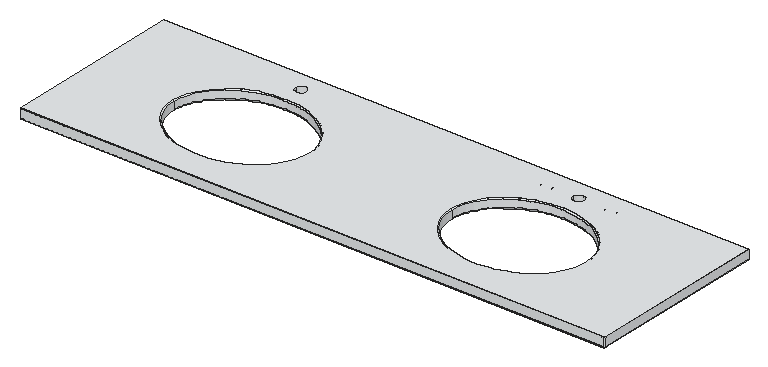
Revit family "Furniture-Counter_Top-KOHLER-Quartz-K-36574-1", category Specialty Equipment, host Face, Revit 2021
Family settings
  Host = Face
  Round Connector Dimension = Use Diameter
  Part Type = Normal
  OmniClass Number = 23.21.19.15
  OmniClass Title = Specialty Casework
  Cut with Voids When Loaded = No
  Shared = No
  Room Calculation Point = No
Parameters (values of type "EST-Eternal Statuario")
  Width = 22.43701"  # constant formula
  WaterSense Certified = 1 = 0  # no
  URL = "https://www.us.kohler.com/us/"
  Type = 1
  Product Page URL = "http://www.us.kohler.com/us/catalog/productDetails.jsp?productNumber=36574"
  Product Name = "Quartz"  # constant formula
  Product Documentation Link = "https://www.us.kohler.com/webassets/kpna/catalog/pdf/en/K-36574_spec_US-CA_Kohler_en.pdf"
  Model = if(Type = 1, "K-36574-EST", if(Type = 2, "K-36574-MMW", "NA"))  # "K-36574-EST"
  Material = "Quartz"  # constant formula
  Master Format 2014 Name = "Toilet, Bath, and Laundry Accessories"  # constant formula
  Master Format 2014 = "10 28 00"  # constant formula
  Manufacturer Address = "444 Highland Dr, Kohler, WI 53044"  # constant formula
  Manufacturer = "Kohler Co."  # constant formula
  Length = 73.12598"  # constant formula
  Height = 1.1811"  # constant formula
  Finish = KOHLER-Quartz-EST-Eternal_Statuario
  Environmental Product Declaration = ""
  Description = "73 Top With 2 Oval Undermount Cutout NS"  # constant formula
  Default Elevation = 42"
  Declare Label = ""
  Date Modified = "07/18/2024"  # constant formula
  Date Created = "07/18/2024"  # constant formula
  Copyright = "Copyright Kohler Co."  # constant formula
  Contact Us = "https://www.us.kohler.com/us/static/contact.jsp"
  Assembly Code = "C1030200"
  ADA Compliant = 1 = 0  # no
Types (3): name | Type | Model | Finish
  (no name) | 1 | "K-36574-EST" | KOHLER-Quartz-EST-Eternal_Statuario
  EST-Eternal Statuario | 1 | "K-36574-EST" | KOHLER-Quartz-EST-Eternal_Statuario
  MMW-Miami White | 2 | "K-36574-MMW" | KOHLER-Quartz-MMW-Miami_White
Reference planes (in)
  plane 1 "Center (Front/Back)": y = 0
  plane 2: z = 0
  plane 3 "Center (Left/Right)": x = 0
  plane 4: y = 11.2185
  plane 5: y = -11.2185
  plane 6: x = -36.56299
  plane 7: x = 36.56299
  plane 8: x = 8.85501
  plane 9: x = 25.82988
  plane 10: x = -8.85501
  plane 11: x = -25.82988
  plane 12: y = 6.33465
  plane 13: x = 17.34252
  plane 14: x = -17.34252
  plane 15: y = 8.7185
  plane 16: z = 1.1811
  plane 17: x = -25.71811
  plane 18: x = -8.96693
  plane 19: x = 8.96693
  plane 20: x = 25.71811
  plane 21: y = -0.65551
  plane 22: y = -7.53151
  plane 23: y = -7.64647
  plane 24: y = 6.21852
  plane 25: x = -21.35827
  plane 26: x = -13.32677
  plane 27: x = 13.32677
  plane 28: x = 21.35827
Dimensions and locks (in)
  plane 6 to plane 7 = 73.12598"
  plane 16 to level = 1.1811"
  plane 4 to plane 5 = 22.43701"
  plane 11 to plane 10 = 16.97486"
  plane 8 to plane 9 = 16.97486"
  plane 17 to plane 18 = 16.75118"
  plane 19 to plane 20 = 16.75118"
  plane 1 "Center (Front/Back)" to plane 5 = 11.2185"
  plane 4 to plane 21 = 11.87402"
  plane 21 to plane 5 = 10.56299"
  plane 24 to plane 22 = 13.75003"
  plane 4 to plane 15 = 2 1/2"
  plane 14 to plane 13 = 34.68504"
  plane 6 to plane 14 = 19.22047"
  plane 13 to plane 7 = 19.22047"
  plane 25 to plane 14 = 4.01575"
  plane 14 to plane 26 = 4.01575"
  plane 27 to plane 13 = 4.01575"
  plane 13 to plane 28 = 4.01575"
  "Length": plane 6 to plane 7
  "Width": plane 4 to plane 5
  "Height": level to plane 16
  aligned and locked: plane 2 to host face
  aligned and locked: level to host face
  aligned and locked: plane 3 "Center (Left/Right)" to nested 1
  aligned and locked: plane 1 "Center (Front/Back)" to nested 1
Automatic sketch dimensions
  host sketch curve to host sketch curve = 96"  (x2)
Nested families (in)
  nested 1: "K-36574" at (0, 0, 0), type "K-36574"
Definition of nested family "K-36574"
  Parameters
    Material = none
    Default Elevation = 0"
  Reference planes (in)
    plane 1 "Center (Front/Back)": y = 0
    plane 2: z = 0
    plane 3 "Center (Left/Right)": x = 0
    plane 4: y = -11.2185
    plane 5: x = 17.34252
    plane 6: x = -17.34252
    plane 7: x = -25.71811
    plane 8: x = -8.96693
    plane 9: x = 8.96693
    plane 10: x = 25.71811
    plane 11: y = -11.2185
    plane 12: y = -11.2185
    plane 13: y = -11.2185
    plane 14: y = -11.2185
    plane 15: y = -11.2185
    plane 16: y = -11.2185
    plane 17: y = -11.2185
    plane 18: y = -11.2185
    plane 19: y = -11.2185
    plane 20: y = -11.2185
    plane 21: y = -11.2185
    plane 22: y = 11.2185
    plane 23: y = 8.7185
    plane 24: y = 6.33465
    plane 25: y = -7.64647
    plane 26: x = -36.56299
    plane 27: x = 36.56299
    plane 28: z = 1.1811
  Forms (in)
    Extrusion 1, void
      sketch origin (0, 0, 0) x (1, 0, 0) y (0, 1, 0)
        loop
          circle (-17.3434, 8.7185) r 0.6875
      from 0 to 1.35874
    Extrusion 2, void
      sketch origin (0, 0, 0) x (1, 0, 0) y (0, 1, 0)
        loop
          circle (-21.3434, 8.7185) r 0.6875
        loop
          circle (-21.3434, 8.7185) r 0.6275
        loop
          circle (-13.3434, 8.7185) r 0.6875
        loop
          circle (-13.3434, 8.7185) r 0.6275
        loop
          circle (21.3434, 8.7185) r 0.6875
        loop
          circle (21.3434, 8.7185) r 0.6275
        loop
          circle (13.3434, 8.7185) r 0.6875
        loop
          circle (13.3434, 8.7185) r 0.6275
      from -0.16302 to 1.063
    Extrusion 3, void
      sketch origin (0, 0, 0) x (1, 0, 0) y (0, 1, 0)
        loop
          circle (17.3434, 8.7185) r 0.6875
      from -0.11358 to 1.24612
    Extrusion 4, solid, material <- "Material", detail levels coarse
      sketch origin (0, 0, 0) x (1, 0, 0) y (0, 1, 0)
        loop
          line (36.56299, 11.2185) -> (-36.56299, 11.2185) -> (-36.56299, -11.2185) -> (36.56299, -11.2185) -> (36.56299, 11.2185)
        loop
          circle (-17.3434, 8.7185) r 0.6875
        loop
          circle (17.3434, 8.7185) r 0.6875
        loop
          spline (-8.96693, -0.6553) -> (-9.25233, 1.1279) -> (-10.08906, 2.78958) -> (-11.42012, 4.2165) -> (-13.15479, 5.31141) -> (-15.17486, 5.9997) -> (-17.34266, 6.23446) -> (-19.51045, 5.9997) -> (-21.53052, 5.31141) -> (-23.26519, 4.2165) -> (-24.59625, 2.78958) -> (-25.43299, 1.1279) -> (-25.71838, -0.6553)
          spline (-25.71838, -0.6553) -> (-25.43299, -2.4385) -> (-24.59625, -4.10018) -> (-23.26519, -5.5271) -> (-21.53052, -6.62201) -> (-19.51045, -7.3103) -> (-17.34266, -7.54506) -> (-15.17486, -7.3103) -> (-13.15479, -6.62201) -> (-11.42012, -5.5271) -> (-10.08906, -4.10018) -> (-9.25233, -2.4385) -> (-8.96693, -0.6553)
      from 0 to 1.181
    Extrusion 5, solid, material <- "Material", detail levels medium+fine
      sketch origin (0, 0, 0) x (1, 0, 0) y (0, 1, 0)
        loop
          line (-36.5625, 11.1791) -> (-36.5625, -11.101)
          arc (-36.5625, -11.101) -> (-36.52794, -11.18443) -> (-36.4445, -11.219) r 0.118
          line (-36.4445, -11.219) -> (36.4445, -11.219)
          arc (36.4445, -11.219) -> (36.52794, -11.18443) -> (36.5625, -11.101) r 0.118
          line (36.5625, -11.101) -> (36.5625, 11.1791) -> (36.5231, 11.2185) -> (-36.5231, 11.2185) -> (-36.5625, 11.1791)
      from 0 to 1.181
    Sweep 6, void
      path origin (0, 0, 0) x (1, 0, 0) y (0, 1, 0)
        loop
          arc (-36.5625, -11.101) -> (-36.52794, -11.18443) -> (-36.4445, -11.219) r 0.118
          line (-36.4445, -11.219) -> (36.4445, -11.219)
          arc (36.4445, -11.219) -> (36.52794, -11.18443) -> (36.5625, -11.101) r 0.118
          line (36.5625, -11.101) -> (36.5625, 11.1791) -> (36.5231, 11.2185) -> (-36.5231, 11.2185) -> (-36.5625, 11.1791) -> (-36.5625, -11.101)
      profile origin (0, -11.219, 0) x (0, 1, 0) y (0, 0, 1)
        loop
          line (0, 1.1416) -> (0.0394, 1.181) -> (0, 1.181) -> (0, 1.1416)
        loop
          line (0, 0.0394) -> (0, 0) -> (0.0394, 0) -> (0, 0.0394)
    Sweep 7, void
      path origin (0, 0, 0) x (1, 0, 0) y (0, 1, 0)
        loop
          spline (25.83618, -0.6553) -> (25.5468, 1.15517) -> (24.69835, 2.84227) -> (23.34867, 4.29101) -> (21.58972, 5.40266) -> (19.54139, 6.10148) -> (17.34326, 6.33983) -> (15.14513, 6.10148) -> (13.0968, 5.40266) -> (11.33786, 4.29101) -> (9.98818, 2.84227) -> (9.13973, 1.15517) -> (8.85034, -0.6553)
          spline (8.85034, -0.6553) -> (9.13973, -2.46577) -> (9.98818, -4.15287) -> (11.33786, -5.60161) -> (13.0968, -6.71326) -> (15.14513, -7.41208) -> (17.34326, -7.65043) -> (19.54139, -7.41208) -> (21.58972, -6.71326) -> (23.34867, -5.60161) -> (24.69835, -4.15287) -> (25.5468, -2.46577) -> (25.83618, -0.6553)
      profile origin (17.34326, -7.65043, 0) x (0, -1, 0) y (0, 0, 1)
        loop
          line (0, 1.181) -> (-0.30619, 1.181) -> (-0.30619, 0) -> (0, 0) -> (-0.118, 0.118) -> (-0.118, 1.063) -> (0, 1.181)
    Sweep 8, void
      path origin (0, 0, 0) x (-1, 0, 0) y (0, -1, 0)
        loop
          spline (25.83618, 0.6553) -> (25.5468, 2.46577) -> (24.69835, 4.15287) -> (23.34867, 5.60161) -> (21.58972, 6.71326) -> (19.54139, 7.41208) -> (17.34326, 7.65043) -> (15.14513, 7.41208) -> (13.0968, 6.71326) -> (11.33786, 5.60161) -> (9.98818, 4.15287) -> (9.13973, 2.46577) -> (8.85034, 0.6553)
          spline (8.85034, 0.6553) -> (9.13973, -1.15517) -> (9.98818, -2.84227) -> (11.33786, -4.29101) -> (13.0968, -5.40266) -> (15.14513, -6.10148) -> (17.34326, -6.33983) -> (19.54139, -6.10148) -> (21.58972, -5.40266) -> (23.34867, -4.29101) -> (24.69835, -2.84227) -> (25.5468, -1.15517) -> (25.83618, 0.6553)
      profile origin (-17.34326, -7.65043, 0) x (0, 1, 0) y (0, 0, 1)
        loop
          line (0, 1.181) -> (0.118, 1.063) -> (0.118, 0.118) -> (0, 0) -> (0.30619, 0) -> (0.30619, 1.181) -> (0, 1.181)
    Extrusion 9, void
      sketch origin (0, 0, 0) x (1, 0, 0) y (0, 1, 0)
        loop
          spline (-25.53, -0.6553) -> (-25.25534, -2.37112) -> (-24.44717, -3.97697) -> (-23.154, -5.36526) -> (-21.45793, -6.43645) -> (-19.47534, -7.11271) -> (-17.34326, -7.34425) -> (-15.21118, -7.11271) -> (-13.22859, -6.43645) -> (-11.53252, -5.36526) -> (-10.23935, -3.97697) -> (-9.43118, -2.37112) -> (-9.15653, -0.6553)
          spline (-9.15653, -0.6553) -> (-9.43118, 1.06052) -> (-10.23935, 2.66637) -> (-11.53252, 4.05466) -> (-13.22859, 5.12585) -> (-15.21118, 5.80211) -> (-17.34326, 6.03365) -> (-19.47534, 5.80211) -> (-21.45793, 5.12585) -> (-23.154, 4.05466) -> (-24.44717, 2.66637) -> (-25.25534, 1.06052) -> (-25.53, -0.6553)
        loop
          spline (25.53, -0.6553) -> (25.25534, 1.06052) -> (24.44717, 2.66637) -> (23.154, 4.05466) -> (21.45793, 5.12585) -> (19.47534, 5.80211) -> (17.34326, 6.03365) -> (15.21118, 5.80211) -> (13.22859, 5.12585) -> (11.53252, 4.05466) -> (10.23935, 2.66637) -> (9.43118, 1.06052) -> (9.15653, -0.6553)
          spline (9.15653, -0.6553) -> (9.43118, -2.37112) -> (10.23935, -3.97697) -> (11.53252, -5.36526) -> (13.22859, -6.43645) -> (15.21118, -7.11271) -> (17.34326, -7.34425) -> (19.47534, -7.11271) -> (21.45793, -6.43645) -> (23.154, -5.36526) -> (24.44717, -3.97697) -> (25.25534, -2.37112) -> (25.53, -0.6553)
      from -1.00808 to 2.06551
  Cuts and joins
    Extrusion 1, Extrusion 2, Extrusion 3, Sweep 6, Sweep 7, Sweep 8, Extrusion 9 cuts Extrusion 5
    Extrusion 9 cuts Extrusion 4
  Lines and regions (in)
    Masking region 1
      outline origin (0, 0, 0) x (1, 0, 0) y (0, 1, 0)
        loop
          line (36.5231, 11.2185) -> (-36.5231, 11.2185) -> (-36.5625, 11.1791) -> (-36.5625, -11.101)
          arc (-36.5625, -11.101) -> (-36.52794, -11.18443) -> (-36.4445, -11.219) r 0.118
          line (-36.4445, -11.219) -> (36.4445, -11.219)
          arc (36.4445, -11.219) -> (36.52794, -11.18443) -> (36.5625, -11.101) r 0.118
          line (36.5625, -11.101) -> (36.5625, 11.1791) -> (36.5231, 11.2185)
        loop
          circle (-17.3434, 8.7185) r 0.6875
        loop
          circle (17.3434, 8.7185) r 0.6875
        loop
          spline (-25.71838, -0.6553) -> (-25.43299, -2.4385) -> (-24.59625, -4.10018) -> (-23.26519, -5.5271) -> (-21.53052, -6.62201) -> (-19.51045, -7.3103) -> (-17.34266, -7.54506) -> (-15.17486, -7.3103) -> (-13.15479, -6.62201) -> (-11.42012, -5.5271) -> (-10.08906, -4.10018) -> (-9.25233, -2.4385) -> (-8.96693, -0.6553)
          spline (-8.96693, -0.6553) -> (-9.25233, 1.1279) -> (-10.08906, 2.78958) -> (-11.42012, 4.2165) -> (-13.15479, 5.31141) -> (-15.17486, 5.9997) -> (-17.34266, 6.23446) -> (-19.51045, 5.9997) -> (-21.53052, 5.31141) -> (-23.26519, 4.2165) -> (-24.59625, 2.78958) -> (-25.43299, 1.1279) -> (-25.71838, -0.6553)
        loop
          spline (8.96842, -0.6553) -> (9.31252, -2.60214) -> (10.27355, -4.33929) -> (11.69751, -5.73281) -> (13.42561, -6.73139) -> (15.3344, -7.32921) -> (17.32684, -7.53195) -> (19.31944, -7.33836) -> (21.22987, -6.74519) -> (22.96066, -5.75143) -> (24.39239, -4.36418) -> (25.36507, -2.6342) -> (25.71901, -0.6895)
          spline (25.71901, -0.6895) -> (25.38302, 1.26425) -> (24.42644, 3.00951) -> (23.00189, 4.41006) -> (21.27091, 5.41423) -> (19.35762, 6.01538) -> (17.35996, 6.21902) -> (15.36201, 6.02416) -> (13.44698, 5.4281) -> (11.71328, 4.4288) -> (10.28093, 3.03458) -> (9.31258, 1.29647) -> (8.96842, -0.6553)
    Masking region 2
      outline origin (0, 0, 0) x (1, 0, 0) y (0, 0, 1)
        loop
          line (36.5231, 1.181) -> (-36.5231, 1.181) -> (-36.5625, 1.1416) -> (-36.5625, 0.0394) -> (-36.5231, 0) -> (36.5231, 0) -> (36.5625, 0.0394) -> (36.5625, 1.1416) -> (36.5231, 1.181)
    Masking region 3
      outline origin (0, 0, 0) x (0, 1, 0) y (0, 0, 1)
        loop
          line (11.1791, 1.181) -> (-11.1796, 1.181) -> (-11.219, 1.1416) -> (-11.219, 0.0394) -> (-11.1796, 0) -> (11.1791, 0) -> (11.2185, 0.0394) -> (11.2185, 1.1416) -> (11.1791, 1.181)
    symbolic lines, detail levels medium+fine
      curve 1: line (-36.4445, 11.1791, 0) -> (36.4445, 11.1791, 0)
      curve 2: line (36.4445, -11.219, 0) -> (36.4445, 11.1791, 0)
      curve 3: line (36.5625, -11.101, 0) -> (-36.5625, -11.101, 0)
      curve 4: line (-36.4445, -11.219, 0) -> (-36.4445, 11.1791, 0)
      curve 5: line (0, 11.1791, 1.1416) -> (0, -11.1796, 1.1416)
      curve 6: line (0, -11.1796, 1.1416) -> (0, -11.1796, 0.0394)
      curve 7: line (0, -11.1796, 0.0394) -> (0, 11.1791, 0.0394)
      curve 8: line (0, 11.1791, 0.0394) -> (0, 11.1791, 1.1416)
      curve 9: line (-36.5231, 0, 1.1416) -> (36.5231, 0, 1.1416)
      curve 10: line (36.5231, 0, 1.1416) -> (36.5231, 0, 0.0394)
      curve 11: line (36.5231, 0, 0.0394) -> (-36.5231, 0, 0.0394)
      curve 12: line (-36.5231, 0, 0.0394) -> (-36.5231, 0, 1.1416)
      curve 13: line (-25.75776, -0.6553, 0) -> (-8.92756, -0.6553, 0)
      curve 14: line (-8.92756, -0.6553, 0) -> (-25.75776, -0.6553, 0)
      curve 15: line (25.75838, -0.68817, 0) -> (8.92903, -0.65676, 0)
      curve 16: line (8.92903, -0.65676, 0) -> (25.75838, -0.68817, 0)
  Dimensions and locks (in)
    aligned and locked: plane 2 to level
